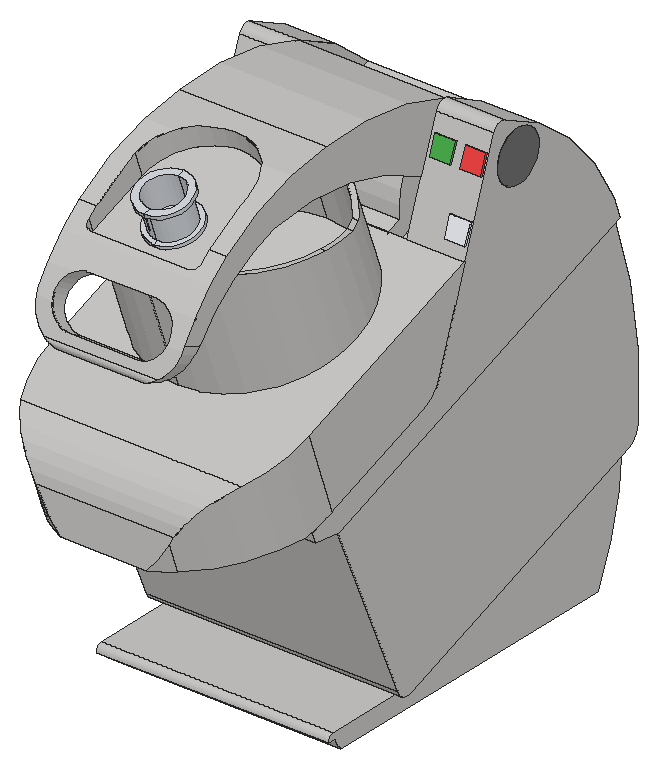
Revit family "QF_ELECTROLUXPROFESSIONAL_600466_TRSY1VI", category Specialty Equipment, Revit 2018
Family settings
  Round Connector Dimension = Use Diameter
  Part Type = Normal
  Work Plane-Based = No
  Always vertical = Yes
  Cut with Voids When Loaded = No
  Shared = No
  Room Calculation Point = No
Parameters (values of type "Standard")
  Weight = 21.40 kg
  Watts = 0 W
  Volts = 220 V
  URL Manufacturer = "http://professional.electrolux.com"
  URL = "http://professional.electrolux.com"
  Steam Supply Size = 0 mm
  Steam Supply Minimum Pressure = 0.0 Pa
  Steam Supply Maximum Pressure = 0.0 Pa
  Steam Pounds per Hour = 0
  Refrigeration Suction Line Size = 0 mm
  Refrigeration Liquid Line Size = 0 mm
  Refrigerant Compressor Remote = yes
  Manufacturer = "Electrolux Professional"
  Phase = 1
  Model = "TRSY1VI"
  Length Actual = 252 mm  # constant formula
  Item Number = "600466"
  Hot Water Size = 0 mm
  Height Actual = 515 mm  # constant formula
  HP = "0.7 HP"
  Gas Size = 0 mm
  Gas KW = 0
  Gas Input Pressure = 0 W
  Direct Waste Size = 0 mm
  Description = "VEGETABLE SLICER-1 SPEED-500W-220-240/1/50 CB APPROVED"
  Depth Actual = 500 mm  # constant formula
  Cycle = 50 Hz
  Condensate Return Size = 0 mm
  Compressed Air Volume = 0.0 L/s
  Compressed Air Size = 0 mm
  Compressed Air Pressure = 0.0 Pa
  Cold Water Size = 0 mm
  Accessory = yes
Reference planes
  plane 1 "Center (Front/Back)": y = 0
  plane 2: z = 0
  plane 3 "Center (Left/Right)": x = 0
  plane 4 "BASE": through (-1506.947, -1354.442, -482.669) normal (0, -0.342, 0.9397)
  plane 5 "TOP": z = 780
  plane 6 "FRONT": y = -250
  plane 7 "BACK": y = 250
  plane 8 "LEFT": x = -126
  plane 9 "RIGHT": x = 126
  plane 10 "BaseSup": through (4267.2, -355.454, 143.983) normal (0, -0.342, 0.9397)
  plane 11 "TopCylinder": z = 502
  plane 12 "panel": through (4267.2, 37.396, 376.789) normal (0, -0.9397, 0.342)
  plane 13 "TAN1": through (4267.2, -242.8, 386.84) normal (0, -0.868, 0.4965)
  plane 14 "cx": x = -4.392
Forms (mm)
  Extrusion 1, solid, material "QF_Finishes_Stainless Steel"
    sketch origin (0, 71.755, 29.173) x (0, 0.939693, 0.34202) y (0, -0.34202, 0.939693)
      loop
        line (194.125, 30) -> (-100, 30) -> (-172.671, 56.45)
        arc (-172.671, 56.45) -> (-177.706, 56.23) -> (-181.11, 52.515) r 6.584
        line (-181.11, 52.515) -> (-172.825, 49.499)
        arc (-172.825, 49.499) -> (-173.282, 42.917) -> (-170.601, 36.887) r 13.662
        line (-170.601, 36.887) -> (125.402, -70.849)
        arc (125.402, -70.849) -> (140.415, -55.659) -> (154.125, -39.282) r 258.806
        arc (154.125, -39.282) -> (176.416, -5.964) -> (194.125, 30) r 303.676
    from -114.1 to 114.1
  Extrusion 2, solid, material "QF_Finishes_Stainless Steel"
    sketch origin (0, 71.755, 29.173) x (0, 0.939693, 0.34202) y (0, -0.34202, 0.939693)
      loop
        arc (-117.754, 231.836) -> (-115.421, 136.806) -> (-106.378, 42.177) r 1344.145
        arc (-106.378, 42.177) -> (-102.811, 33.567) -> (-94.2, 30) r 12.177
        line (-94.2, 30) -> (191.415, 30)
        arc (191.415, 30) -> (200.799, 34.052) -> (207.001, 42.177) r 20.212
        arc (207.001, 42.177) -> (237.263, 134.79) -> (245.906, 231.836) r 430.148
        line (245.906, 231.836) -> (-117.754, 231.836)
    from -123.6 to 123.2
  Extrusion 3, solid, material "QF_Finishes_Stainless Steel"
    sketch origin (0, 71.755, 29.173) x (0, 0.939693, 0.34202) y (0, -0.34202, 0.939693)
      loop
        line (-117.754, 231.836) -> (250, 231.836) -> (250, 254)
        arc (250, 254) -> (225.127, 344.7) -> (167.861, 419.303) r 244.524
        arc (167.861, 419.303) -> (160.498, 421.774) -> (153.587, 418.23) r 10
        line (153.587, 418.23) -> (25.432, 265.5)
        arc (25.432, 265.5) -> (14.376, 257.016) -> (0.77, 254) r 32.194
        line (0.77, 254) -> (-142.678, 254) -> (-142.678, 244) -> (-117.754, 231.836)
    from -125 to 125
  Extrusion 4, void
    sketch origin (0, 71.755, 29.173) x (0, 0.939693, 0.34202) y (0, -0.34202, 0.939693)
      loop
        line (146.605, 338.403) -> (228.145, 338.403)
        arc (228.145, 338.403) -> (202.221, 381.996) -> (167.861, 419.303) r 244.524
        arc (167.861, 419.303) -> (160.498, 421.774) -> (153.587, 418.23) r 10
        line (153.587, 418.23) -> (72.34, 321.403) -> (146.605, 321.403) -> (146.605, 338.403)
    from -76.755 to 68.071
  Extrusion 5, solid, material "QF_Finishes_Stainless Steel"
    sketch origin (0, 71.755, 29.173) x (0, 0.939693, 0.34202) y (0, -0.34202, 0.939693)
      loop
        line (86.605, 338.403) -> (69.605, 321.403) -> (146.605, 321.403) -> (146.605, 338.403) -> (138.179, 338.403) -> (138.179, 369.367)
        arc (138.179, 369.367) -> (147.784, 373.474) -> (158.149, 372.174) r 19.987
        arc (158.149, 372.174) -> (156.791, 382.001) -> (162.888, 389.826) r 12.748
        arc (162.888, 389.826) -> (123.302, 374.774) -> (101.605, 338.403) r 64.447
        line (101.605, 338.403) -> (86.605, 338.403)
    from -65 to 50
  Extrusion 6, solid, material "QF_Finishes_Stainless Steel"
    sketch origin (539, 71.755, 29.173) x (0, -0.939693, -0.34202) y (0, -0.34202, 0.939693)
      loop
        circle (-169.102, 378.696) r 12.748
    from 489 to 604
  Extrusion 7, solid, material "QF_Finishes_Rubber Black"
    sketch origin (0, 71.755, 29.173) x (0, 0.939693, 0.34202) y (0, -0.34202, 0.939693)
      loop
        circle (169.102, 378.696) r 25
    from 125 to 126.6
  Extrusion 8, solid, material "QF_Finishes_Green"
    sketch origin (-10, -113.728, -38.42) x (0, -0.34202, -0.939693) y (1, 0, 0)
      loop
        line (-529.862, 82.865) -> (-509.862, 82.865) -> (-509.862, 102.865) -> (-529.862, 102.865) -> (-529.862, 82.865)
    from 0 to 1.6
  Extrusion 9, solid, material "QF_Finishes_Red"
    sketch origin (20, -113.728, -38.42) x (0, -0.34202, -0.939693) y (1, 0, 0)
      loop
        line (-529.862, 82.865) -> (-509.862, 82.865) -> (-509.862, 102.865) -> (-529.862, 102.865) -> (-529.862, 82.865)
    from 0 to 1.6
  Extrusion 10, solid, material "QF_Finishes_White"
    sketch origin (19.976, -149.421, -75.636) x (0, -0.34202, -0.939693) y (1, 0, 0)
      loop
        line (-521.192, 82.865) -> (-501.192, 82.865) -> (-501.192, 102.865) -> (-521.192, 102.865) -> (-521.192, 82.865)
    from 0 to 1.6
  Extrusion 11, solid, material "QF_Finishes_Rubber Black"
    sketch origin (-20, -306.935, 99.376) x (0, -1, 0) y (1, 0, 0)
      loop
        circle (-230.144, 103.748) r 10
      loop
        circle (-230.144, -61.252) r 10
    from 9.274 to 3.787
  Extrusion 12, void
    sketch origin (-20.94, 306.731, 139.428) x (-1, 0, 0) y (0, -0.34202, 0.939693)
      loop
        circle (-20.94, 196.093) r 10
    from -1.916 to -26.433
  Extrusion 13, solid, material "QF_Finishes_Stainless Steel"
    sketch origin (-20.94, 306.678, 139.573) x (-1, 0, 0) y (0, -0.34202, 0.939693)
      loop
        circle (-20.94, 195.939) r 9.999
    from -8.514 to -26.433
  Extrusion 14, solid, material "QF_Finishes_Stainless Steel"
    sketch origin (0, -15.119, 267.855) x (0, -0.939693, -0.34202) y (1, 0, 0)
      loop
        line (-86.605, -125) -> (117.754, -125)
        arc (117.754, -125) -> (182.577, -108.838) -> (232.224, -64.135) r 138.076
        arc (232.224, -64.135) -> (246.337, -33.516) -> (250, 0) r 104.824
        arc (250, 0) -> (246.337, 33.516) -> (232.224, 64.135) r 104.824
        arc (232.224, 64.135) -> (182.577, 108.838) -> (117.754, 125) r 138.076
        line (117.754, 125) -> (-86.605, 125) -> (-86.605, -125)
    from 0 to 84.403
  Extrusion 15, void
    sketch origin (0, 71.755, 29.173) x (0, 0.939693, 0.34202) y (0, -0.34202, 0.939693)
      loop
        line (-148.177, 254) -> (-243.49, 272.527) -> (-229.509, 307.133)
        arc (-229.509, 307.133) -> (-211.109, 329.855) -> (-183.149, 338.403) r 50
        line (-183.149, 338.403) -> (-263.395, 338.403) -> (-263.395, 254) -> (-148.177, 254)
      loop
        line (86.605, 338.403) -> (25.432, 265.5)
        arc (25.432, 265.5) -> (14.376, 257.016) -> (0.77, 254) r 32.194
        line (0.77, 254) -> (86.605, 254) -> (86.605, 338.403)
    from -156.555 to 144.79
  Extrusion 16, solid, material "QF_Finishes_Rubber Black"
    sketch origin (-20, -28.598, 99.376) x (0, -1, 0) y (1, 0, 0)
      loop
        circle (-230.144, 103.748) r 10
      loop
        circle (-230.144, -61.252) r 10
    from 9.274 to 3.787
  Extrusion 17, solid, material "QF_Finishes_Stainless Steel"
    sketch origin (0, 0, 0) x (0, 1, 0) y (0, 0, 1)
      loop
        arc (-237.987, 360.286) -> (-193.334, 422.101) -> (-125.907, 457.716) r 167.502
        arc (-125.907, 457.716) -> (-32.614, 457.202) -> (54.785, 424.565) r 266.494
        line (54.785, 424.565) -> (73.036, 474.711)
        arc (73.036, 474.711) -> (77.269, 479.853) -> (83.792, 481.198) r 10
        arc (83.792, 481.198) -> (12.917, 500.705) -> (-60.594, 500.999) r 278.64
        arc (-60.594, 500.999) -> (-125.023, 488.463) -> (-183.511, 458.675) r 236.13
        arc (-183.511, 458.675) -> (-222.818, 420.732) -> (-248.457, 372.49) r 174.407
        arc (-248.457, 372.49) -> (-249.83, 368.135) -> (-247.05, 364.513) r 4.945
        line (-247.05, 364.513) -> (-237.987, 360.286)
    from -76.755 to 68.071
  Extrusion 18, void
    sketch origin (0, -252.846, 369.279) x (0, -0.496521, -0.868025) y (1, 0, 0)
      loop
        line (-13.723, -36.755) -> (-13.723, 28.071)
        arc (-13.723, 28.071) -> (-38.723, 53.071) -> (-63.723, 28.071) r 25
        line (-63.723, 28.071) -> (-63.723, -36.755)
        arc (-63.723, -36.755) -> (-38.723, -61.755) -> (-13.723, -36.755) r 25
    from -148.493 to 7.125
  Extrusion 19, void
    sketch origin (0, -88.076, 32.057) x (0, -0.34202, -0.939693) y (1, 0, 0)
      loop
        line (-257.162, 68.071) -> (-297.162, 68.071)
        arc (-297.162, 68.071) -> (-268.878, 56.356) -> (-257.162, 28.071) r 40
        line (-257.162, 28.071) -> (-257.162, 68.071)
      loop
        line (-257.162, -76.755) -> (-257.162, -36.755)
        arc (-257.162, -36.755) -> (-268.878, -65.039) -> (-297.162, -76.755) r 40
        line (-297.162, -76.755) -> (-257.162, -76.755)
    from 233.374 to 280.473
  Extrusion 20, void
    sketch origin (0, -73.76, 246.511) x (0, -0.939693, -0.34202) y (1, 0, 0)
      loop
        spline (50.415, 43.499) -> (50.302, 44.538) -> (50.07, 45.551) -> (49.722, 46.523) -> (49.265, 47.436) -> (48.705, 48.278) -> (48.053, 49.034) -> (47.317, 49.692) -> (46.511, 50.241) -> (45.647, 50.674) -> (44.738, 50.981) -> (43.801, 51.16) -> (42.848, 51.221)
        line (42.848, 51.221) -> (-21.826, 51.221)
        arc (-21.826, 51.221) -> (-77.476, -4.429) -> (-21.826, -60.078) r 55.65
        line (-21.826, -60.078) -> (42.849, -60.064)
        spline (42.849, -60.064) -> (43.796, -60.017) -> (44.73, -59.836) -> (45.637, -59.525) -> (46.5, -59.088) -> (47.306, -58.532) -> (48.042, -57.867) -> (48.695, -57.103) -> (49.256, -56.253) -> (49.715, -55.331) -> (50.065, -54.351) -> (50.3, -53.329) -> (50.415, -52.283)
        line (50.415, -52.283) -> (50.415, 43.499)
    from 219.928 to 259.975
  Extrusion 21, void
    sketch origin (0, -87.856, 241.381) x (0, -0.939693, -0.34202) y (1, 0, 0)
      loop
        circle (-4.976, -4.429) r 22.5
    from 184.171 to 259.975
  Extrusion 22, solid, material "QF_Finishes_Stainless Steel"
    sketch origin (0, -57.13, 252.564) x (0, -0.939693, -0.34202) y (1, 0, 0)
      loop
        circle (-27.476, -4.429) r 100
      loop
        circle (-27.476, -4.429) r 95
    from 84.403 to 219.928
  Extrusion 23, void
    sketch origin (539, 0, 0) x (0, -1, 0) y (0, 0, 1)
      loop
        line (-7.229, 448.453) -> (38.883, 431.669) -> (53.883, 431.669) -> (97.232, 435.738) -> (172.232, 435.738) -> (200.5, 434.424) -> (12.562, 502.828) -> (-7.229, 448.453)
    from 424.9 to 664
  Revolve 24, solid
    sketch origin (-4.392, 0, 0) x (0, 1, 0) y (0, 0, 1)
      loop
        line (-159.523, 452.833) -> (-177.266, 446.376) -> (-188.766, 477.973) -> (-195.199, 475.631) -> (-193.959, 472.225) -> (-189.261, 473.935) -> (-179, 445.744) -> (-183.698, 444.034) -> (-182.575, 440.948) -> (-179.543, 442.052) -> (-133.191, 314.7) -> (-112.048, 322.396) -> (-159.523, 452.833)
      axis (-112.048, 322.396) -> (-171.023, 484.431)
    angle from 0 to 360
  Extrusion 25, solid, material "QF_Door-Drawer Clearances", detail levels coarse
    sketch origin (0, -259.129, 728.467) x (0, -0.462376, -0.886684) y (0, 0.886684, -0.462376)
      loop
        arc (-237.987, 360.286) -> (-193.334, 422.101) -> (-125.907, 457.716) r 167.502
        arc (-125.907, 457.716) -> (-32.614, 457.202) -> (54.785, 424.565) r 266.494
        line (54.785, 424.565) -> (59.562, 427.056)
        arc (59.562, 427.056) -> (59.025, 458.234) -> (62.46, 489.226) r 244.524
        arc (62.46, 489.226) -> (1.594, 502.023) -> (-60.594, 500.999) r 278.64
        arc (-60.594, 500.999) -> (-125.023, 488.463) -> (-183.511, 458.675) r 236.13
        arc (-183.511, 458.675) -> (-222.818, 420.732) -> (-248.457, 372.49) r 174.407
        arc (-248.457, 372.49) -> (-249.83, 368.135) -> (-247.05, 364.513) r 4.945
        line (-247.05, 364.513) -> (-237.987, 360.286)
    from -76.755 to 68.071
  Extrusion 26, solid, material "QF_Door-Drawer Clearances", detail levels coarse
    sketch origin (-4.392, 0, 0) x (0, 1, 0) y (0, 0, 1)
      loop
        arc (180.062, 780.324) -> (-149.234, 694.151) -> (-249.905, 368.994) r 350.321
        line (-249.905, 368.994) -> (-246.546, 377.767)
        arc (-246.546, 377.767) -> (-144.345, 691.9) -> (174.993, 776.44) r 345.321
        line (174.993, 776.44) -> (180.062, 780.324)
    from -60 to 60
Cuts and joins
  Extrusion 4, Extrusion 19, Extrusion 20, Extrusion 21 cuts Extrusion 3
  Extrusion 15, Extrusion 19, Extrusion 20, Extrusion 21 cuts Extrusion 14
  Extrusion 18, Extrusion 19, Extrusion 20, Extrusion 21 cuts Extrusion 17
  Extrusion 12, Extrusion 20, Extrusion 21 cuts Extrusion 2
  Extrusion 23 cuts Extrusion 22
Lines and regions (mm)
  model lines
    curve 1: line (-65, 80.335, 302.597) -> (50, 80.335, 302.597)
    curve 2: line (-65, 83.13, 303.615) -> (50, 83.13, 303.615)
Dimensions and locks
  plane 5 "TOP" to level = 780 mm
  plane 8 "LEFT" to plane 3 "Center (Left/Right)" to plane 9 "RIGHT" = 126 mm, 126 mm
  plane 7 "BACK" to plane 1 "Center (Front/Back)" to plane 6 "FRONT" = 250 mm, 250 mm
  plane 5 "TOP" to plane 2 = 780 mm
  plane 5 "TOP" to plane 11 "TopCylinder" = 278 mm
  plane 6 "FRONT" to plane 7 "BACK" = 500 mm
  plane 7 "BACK" to plane 6 "FRONT" = 500 mm
  plane 11 "TopCylinder" to level = 502 mm
  aligned and locked: level to plane 2
Connectors
  electrical at (0, 231.662, 320.783), driven by "Volts"
    settings: on Extrusion 13, index 1, voltage 220 V, apparent load 0 VA, apparent load phase1 0 VA, apparent load phase2 0 VA, apparent load phase3 0 VA, power factor 1, load classification "Other", number of poles 1, system type 30, power factor state 1, is connector primary yes, connector utility no, sub classification motor no, connector description "Electrical Connection"
